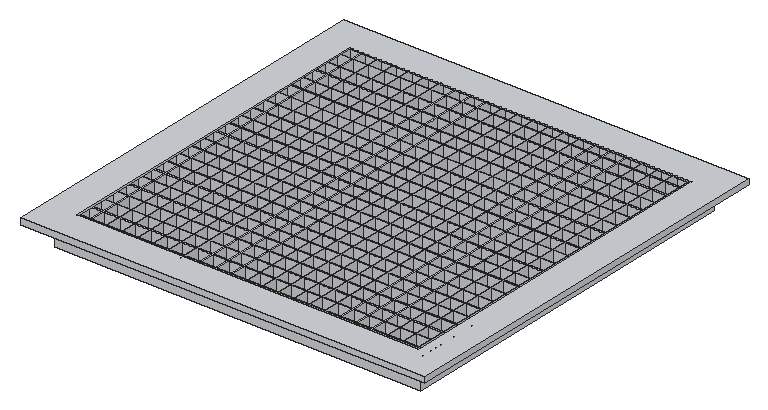
Revit family "GH5", category Air Terminals, Revit 2012
Parameters (values of type "GH5-12-12")
  separación barras verticales = 1/2"
  separacion barras horizontales = 0.49812"
  longitud barra horizontal = Horizontal - 3" / 4  # 11 1/4"
  Vertical = 12"
  URL = "http://www.innes.com.mx"
  N° barras vertical = (Horizontal - 3" / 4) / separación barras verticales  # 23
  N° barras horizontales = (Vertical - 3" / 4) / separacion barras horizontales  # 23
  Mínima velocidad de cuello = 0 FPM
  Mínima presión estática = 0.00 in-wg
  Máximo nivel de ruido (NC) = ""
  Máxima velocidad de cuello = 0 FPM
  Máxima presión estática = 0.00 in-wg
  Material = ""
  Manufacturer = "INNES"
  Longitud barra vertical = Vertical - 3" / 4  # 11 1/4"
  Horizontal = 12"
  Cuello = ""
Types (5): name | longitud barra horizontal | Vertical | N° barras vertical | N° barras horizontales | Longitud barra vertical | Horizontal
  (no name) | 11 1/4" | 12" | 23 | 23 | 11 1/4" | 12"
  GH5-06-06 | 5 1/4" | 6" | 11 | 11 | 5 1/4" | 6"
  GH5-12-12 | 11 1/4" | 12" | 23 | 23 | 11 1/4" | 12"
  GH5-24-18 | 23 1/4" | 18" | 47 | 35 | 17 1/4" | 24"
  GH5-48-24 | 47 1/4" | 24" | 95 | 47 | 23 1/4" | 48"
Reference planes (in)
  plane 1 "Center (Front/Back)": y = 0
  plane 2: z = 0
  plane 3 "Center (Left/Right)": x = 0
  plane 4: y = 6
  plane 5: y = -6
  plane 6: x = -6
  plane 7: x = 6
  plane 8: y = 5.875
  plane 9: y = 5.625
  plane 10: y = -5.625
  plane 11: x = -5.625
  plane 12: x = 5.625
Forms (in)
  Sweep 1, solid
    path origin (0, 0, 0) x (1, 0, 0) y (0, 1, 0)
      loop
        line (-6, 6) -> (-6, -6) -> (6, -6) -> (6, 6) -> (-6, 6)
    profile origin (0, 6, 0) x (0, 1, 0) y (0, 0, 1)
      loop
        line (-0.51493, -0.13797) -> (-0.51493, -0.18484) -> (-0.29459, -0.18484) -> (-0.29459, -0.70024) -> (-0.51493, -0.70024) -> (-0.51493, -0.74604) -> (-0.17184, -0.74604) -> (-0.17184, -1.01297) -> (-0.125, -1.01297) -> (-0.125, -0.70024) -> (-0.24931, -0.70024) -> (-0.24931, -0.18484) -> (-0.125, -0.18484) -> (-0.125, -0.311) -> (-0.00009, -0.311) -> (-0.00009, -0.26513) -> (-0.0792, -0.26513) -> (-0.0792, -0.18484) -> (0.34342, -0.18484) -> (0.34342, -0.26513) -> (0.26439, -0.26513) -> (0.26439, -0.311) -> (0.38946, -0.311) -> (0.38946, -0.18484) -> (0.43696, -0.18484) -> (0.43696, -0.311) -> (0.48507, -0.311) -> (0.48507, -0.13797) -> (-0.51493, -0.13797)
Dimensions and locks (in)
  equal spacing: plane 6, plane 3 "Center (Left/Right)", plane 7
  equal spacing: plane 4, plane 1 "Center (Front/Back)", plane 5
  "Horizontal": plane 6 to plane 7
  "Vertical": plane 4 to plane 5
  plane 4 to plane 8 = 1/8"
  locked: plane 4 to plane 9 at 0.375
  "Longitud barra vertical": plane 9 to plane 10
  locked: plane 11 to plane 6 at 0.375
  "longitud barra horizontal": plane 12 to plane 11
  equal spacing: group 1, group 2, group 9, group 10, group 11, group 12, group 13, group 14, group 15, group 16, group 17, group 23, group 24, group 25, group 26, group 27, group 28, group 29, group 30, group 31, group 32, group 33, group 34  (x2)
  equal spacing: group 34, group 33, group 32, group 31, group 30, group 29, group 28, group 27, group 26, group 25, group 24, group 23, group 17, group 16, group 15, group 14, group 13, group 12, group 11, group 10, group 9, group 2, group 1
  "separacion barras horizontales": nested 1 to nested 2
  equal spacing: group 3, group 4, group 5, group 6, group 7, group 8, group 18, group 19, group 20, group 21, group 22, group 35, group 36, group 37, group 38, group 39, group 40, group 41, group 42, group 43, group 44, group 45, group 46  (x3)
  "separación barras verticales": nested 4 to plane 11
  aligned and locked: plane 2 to level
  aligned and locked: Sweep 1 sketch curve to plane 4
  aligned and locked: plane 6 to Sweep 1 sketch curve
  aligned and locked: plane 5 to Sweep 1 sketch curve
  aligned and locked: Sweep 1 sketch curve to plane 7
  aligned and locked: plane 11 to nested 1
  aligned and locked: nested 1 to Sweep 1
  aligned and locked: plane 9 to nested 1
  aligned and locked: nested 2 to Sweep 1
  aligned and locked: plane 11 to nested 2
  aligned and locked: plane 9 to nested 3
  aligned and locked: nested 3 to Sweep 1
  aligned and locked: nested 3 to plane 11
  aligned and locked: nested 4 to Sweep 1
  aligned and locked: nested 1 to nested 4
Automatic sketch dimensions
  Sweep 1 sketch curve to level = 0.18484"  (x4)
  Sweep 1 sketch curve to level = 0.13797"
  profile plane to Sweep 1 sketch curve = 0.51493"  (x2)
  Sweep 1 sketch curve to Sweep 1 sketch curve = 0.22035"
  Sweep 1 sketch curve to Sweep 1 sketch curve = 0.04528"
  Sweep 1 sketch curve to Sweep 1 sketch curve = 0.07747"
  Sweep 1 sketch curve to Sweep 1 sketch curve = 0.04684"
  Sweep 1 sketch curve to Sweep 1 sketch curve = 0.12431"
  Sweep 1 sketch curve to Sweep 1 sketch curve = 0.0458"  (x2)
  profile plane to Sweep 1 sketch curve = 0.00009"
  Sweep 1 sketch curve to level = 0.311"  (x2)
  Sweep 1 sketch curve to profile plane = 0.26439"
  Sweep 1 sketch curve to Sweep 1 sketch curve = 0.07902"
  Sweep 1 sketch curve to Sweep 1 sketch curve = 0.04604"
  Sweep 1 sketch curve to Sweep 1 sketch curve = 0.04749"
  Sweep 1 sketch curve to Sweep 1 sketch curve = 0.04811"
  Sweep 1 sketch curve to level = 0.70024"
  Sweep 1 sketch curve to Sweep 1 sketch curve = 0"  (x2)
  Sweep 1 sketch curve to Sweep 1 sketch curve = 0.26693"
  Sweep 1 sketch curve to Sweep 1 sketch curve = 0.04587"  (x2)
Nested families (in)
  nested 1: "rejilla horizontal" at (-5.625, 5.625, -0.42533), type "rejilla horizontal"
    with Largo rejilla horizontal 11 1/4"
  nested 2: "rejilla horizontal" at (-5.625, 5.12688, -0.42533), type "rejilla horizontal"
    with Largo rejilla horizontal 11 1/4"
  nested 3: "rejilla vertical" at (-5.625, 5.625, -0.42841) x (0, -1, 0) z (0, 0, 1), type "rejilla vertical"
    with Largo rejilla horizontal 11 1/4"
  nested 4: "rejilla vertical" at (-5.125, 5.625, -0.42841) x (0, -1, 0) z (0, 0, 1), type "rejilla vertical"
    with Largo rejilla horizontal 11 1/4"
  nested 5: "rejilla vertical" at (-4.625, 5.625, -0.42841) x (0, -1, 0) z (0, 0, 1), type "rejilla vertical"
    with Largo rejilla horizontal 11 1/4"
  nested 6: "rejilla vertical" at (-4.125, 5.625, -0.42841) x (0, -1, 0) z (0, 0, 1), type "rejilla vertical"
    with Largo rejilla horizontal 11 1/4"
  nested 7: "rejilla vertical" at (-3.625, 5.625, -0.42841) x (0, -1, 0) z (0, 0, 1), type "rejilla vertical"
    with Largo rejilla horizontal 11 1/4"
  nested 8: "rejilla vertical" at (-3.125, 5.625, -0.42841) x (0, -1, 0) z (0, 0, 1), type "rejilla vertical"
    with Largo rejilla horizontal 11 1/4"
  nested 9: "rejilla horizontal" at (-5.625, 4.62876, -0.42533), type "rejilla horizontal"
    with Largo rejilla horizontal 11 1/4"
  nested 10: "rejilla horizontal" at (-5.625, 4.13064, -0.42533), type "rejilla horizontal"
    with Largo rejilla horizontal 11 1/4"
  nested 11: "rejilla horizontal" at (-5.625, 3.63252, -0.42533), type "rejilla horizontal"
    with Largo rejilla horizontal 11 1/4"
  nested 12: "rejilla horizontal" at (-5.625, 3.1344, -0.42533), type "rejilla horizontal"
    with Largo rejilla horizontal 11 1/4"
  nested 13: "rejilla horizontal" at (-5.625, 2.63628, -0.42533), type "rejilla horizontal"
    with Largo rejilla horizontal 11 1/4"
  nested 14: "rejilla horizontal" at (-5.625, 2.13816, -0.42533), type "rejilla horizontal"
    with Largo rejilla horizontal 11 1/4"
  nested 15: "rejilla horizontal" at (-5.625, 1.64004, -0.42533), type "rejilla horizontal"
    with Largo rejilla horizontal 11 1/4"
  nested 16: "rejilla horizontal" at (-5.625, 1.14192, -0.42533), type "rejilla horizontal"
    with Largo rejilla horizontal 11 1/4"
  nested 17: "rejilla horizontal" at (-5.625, 0.64381, -0.42533), type "rejilla horizontal"
    with Largo rejilla horizontal 11 1/4"
  nested 18: "rejilla vertical" at (-2.625, 5.625, -0.42841) x (0, -1, 0) z (0, 0, 1), type "rejilla vertical"
    with Largo rejilla horizontal 11 1/4"
  nested 19: "rejilla vertical" at (-2.125, 5.625, -0.42841) x (0, -1, 0) z (0, 0, 1), type "rejilla vertical"
    with Largo rejilla horizontal 11 1/4"
  nested 20: "rejilla vertical" at (-1.625, 5.625, -0.42841) x (0, -1, 0) z (0, 0, 1), type "rejilla vertical"
    with Largo rejilla horizontal 11 1/4"
  nested 21: "rejilla vertical" at (-1.125, 5.625, -0.42841) x (0, -1, 0) z (0, 0, 1), type "rejilla vertical"
    with Largo rejilla horizontal 11 1/4"
  nested 22: "rejilla vertical" at (-0.625, 5.625, -0.42841) x (0, -1, 0) z (0, 0, 1), type "rejilla vertical"
    with Largo rejilla horizontal 11 1/4"
  nested 23: "rejilla horizontal" at (-5.625, 0.14569, -0.42533), type "rejilla horizontal"
    with Largo rejilla horizontal 11 1/4"
  nested 24: "rejilla horizontal" at (-5.625, -0.35243, -0.42533), type "rejilla horizontal"
    with Largo rejilla horizontal 11 1/4"
  nested 25: "rejilla horizontal" at (-5.625, -0.85055, -0.42533), type "rejilla horizontal"
    with Largo rejilla horizontal 11 1/4"
  nested 26: "rejilla horizontal" at (-5.625, -1.34867, -0.42533), type "rejilla horizontal"
    with Largo rejilla horizontal 11 1/4"
  nested 27: "rejilla horizontal" at (-5.625, -1.84679, -0.42533), type "rejilla horizontal"
    with Largo rejilla horizontal 11 1/4"
  nested 28: "rejilla horizontal" at (-5.625, -2.34491, -0.42533), type "rejilla horizontal"
    with Largo rejilla horizontal 11 1/4"
  nested 29: "rejilla horizontal" at (-5.625, -2.84303, -0.42533), type "rejilla horizontal"
    with Largo rejilla horizontal 11 1/4"
  nested 30: "rejilla horizontal" at (-5.625, -3.34115, -0.42533), type "rejilla horizontal"
    with Largo rejilla horizontal 11 1/4"
  nested 31: "rejilla horizontal" at (-5.625, -3.83927, -0.42533), type "rejilla horizontal"
    with Largo rejilla horizontal 11 1/4"
  nested 32: "rejilla horizontal" at (-5.625, -4.33739, -0.42533), type "rejilla horizontal"
    with Largo rejilla horizontal 11 1/4"
  nested 33: "rejilla horizontal" at (-5.625, -4.83551, -0.42533), type "rejilla horizontal"
    with Largo rejilla horizontal 11 1/4"
  nested 34: "rejilla horizontal" at (-5.625, -5.33363, -0.42533), type "rejilla horizontal"
    with Largo rejilla horizontal 11 1/4"
  nested 35: "rejilla vertical" at (-0.125, 5.625, -0.42841) x (0, -1, 0) z (0, 0, 1), type "rejilla vertical"
    with Largo rejilla horizontal 11 1/4"
  nested 36: "rejilla vertical" at (0.375, 5.625, -0.42841) x (0, -1, 0) z (0, 0, 1), type "rejilla vertical"
    with Largo rejilla horizontal 11 1/4"
  nested 37: "rejilla vertical" at (0.875, 5.625, -0.42841) x (0, -1, 0) z (0, 0, 1), type "rejilla vertical"
    with Largo rejilla horizontal 11 1/4"
  nested 38: "rejilla vertical" at (1.375, 5.625, -0.42841) x (0, -1, 0) z (0, 0, 1), type "rejilla vertical"
    with Largo rejilla horizontal 11 1/4"
  nested 39: "rejilla vertical" at (1.875, 5.625, -0.42841) x (0, -1, 0) z (0, 0, 1), type "rejilla vertical"
    with Largo rejilla horizontal 11 1/4"
  nested 40: "rejilla vertical" at (2.375, 5.625, -0.42841) x (0, -1, 0) z (0, 0, 1), type "rejilla vertical"
    with Largo rejilla horizontal 11 1/4"
  nested 41: "rejilla vertical" at (2.875, 5.625, -0.42841) x (0, -1, 0) z (0, 0, 1), type "rejilla vertical"
    with Largo rejilla horizontal 11 1/4"
  nested 42: "rejilla vertical" at (3.375, 5.625, -0.42841) x (0, -1, 0) z (0, 0, 1), type "rejilla vertical"
    with Largo rejilla horizontal 11 1/4"
  nested 43: "rejilla vertical" at (3.875, 5.625, -0.42841) x (0, -1, 0) z (0, 0, 1), type "rejilla vertical"
    with Largo rejilla horizontal 11 1/4"
  nested 44: "rejilla vertical" at (4.375, 5.625, -0.42841) x (0, -1, 0) z (0, 0, 1), type "rejilla vertical"
    with Largo rejilla horizontal 11 1/4"
  nested 45: "rejilla vertical" at (4.875, 5.625, -0.42841) x (0, -1, 0) z (0, 0, 1), type "rejilla vertical"
    with Largo rejilla horizontal 11 1/4"
  nested 46: "rejilla vertical" at (5.375, 5.625, -0.42841) x (0, -1, 0) z (0, 0, 1), type "rejilla vertical"
    with Largo rejilla horizontal 11 1/4"
Connectors (in)
  hvac at (0, 0, -0.311), driven by "Vertical", driven by "Horizontal"
    settings: on Sweep 1, index 1, duct flow 0 CFM, flow factor 0, pres drop 0.00 in-wg, loss coef 0, conn angle 0.00°, conn width 12", conn height 12", conn radius 12", duct sys type 1, conn prof type 1, flow config 0, flow direction 0, loss method 0, conn ref index -1, conn util no, is conn primary yes, conn desc ""
Definition of nested family "rejilla horizontal"
  Parameters (values of type "rejilla horizontal")
    Largo rejilla horizontal = 13.79793"
  Reference planes (in)
    plane 1 "Center (Front/Back)": y = 0
    plane 2: z = 0
    plane 3 "Center (Left/Right)": x = 0
    plane 4: x = 13.79793
    plane 5: z = 0
  Forms (in)
    Extrusion 1, solid
      sketch origin (0, 0.00083, -0.00952) x (0, 0, 1) y (0, -1, 0)
        loop
          line (0.25, 0.01471) -> (-0.24048, 0.01471) -> (-0.24048, -0.01654) -> (0.25, -0.01654) -> (0.25, 0.01471)
      from 0 to 13.79793
  Dimensions and locks (in)
    "Largo rejilla horizontal": plane 3 "Center (Left/Right)" to plane 4
    aligned and locked: plane 2 to level
    aligned and locked: plane 4 to Extrusion 1
  Automatic sketch dimensions
    plane 1 "Center (Front/Back)" to Extrusion 1 sketch curve = 0.01388"
    Extrusion 1 sketch curve to level = 1/4"
    Extrusion 1 sketch curve to plane 1 "Center (Front/Back)" = 0.01737"
    level to Extrusion 1 sketch curve = 0.24048"
Definition of nested family "rejilla vertical"
  Parameters (values of type "rejilla vertical")
    Largo rejilla horizontal = 13.79793"
  Reference planes (in)
    plane 1 "Center (Front/Back)": y = 0
    plane 2: z = 0
    plane 3 "Center (Left/Right)": x = 0
    plane 4: x = 13.79793
    plane 5: z = 0
  Forms (in)
    Extrusion 1, solid
      sketch origin (0, -0.00033, -0.00643) x (0, 0, 1) y (0, -1, 0)
        loop
          line (0.25, 0.01471) -> (-0.24048, 0.01471) -> (-0.24048, -0.01654) -> (0.25, -0.01654) -> (0.25, 0.01471)
      from 0 to 13.79793
  Dimensions and locks (in)
    "Largo rejilla horizontal": plane 3 "Center (Left/Right)" to plane 4
    aligned and locked: plane 2 to level
    aligned and locked: plane 4 to Extrusion 1
  Automatic sketch dimensions
    plane 1 "Center (Front/Back)" to Extrusion 1 sketch curve = 0.01504"
    Extrusion 1 sketch curve to level = 0.24692"
    Extrusion 1 sketch curve to plane 1 "Center (Front/Back)" = 0.01621"
    level to Extrusion 1 sketch curve = 0.24357"
